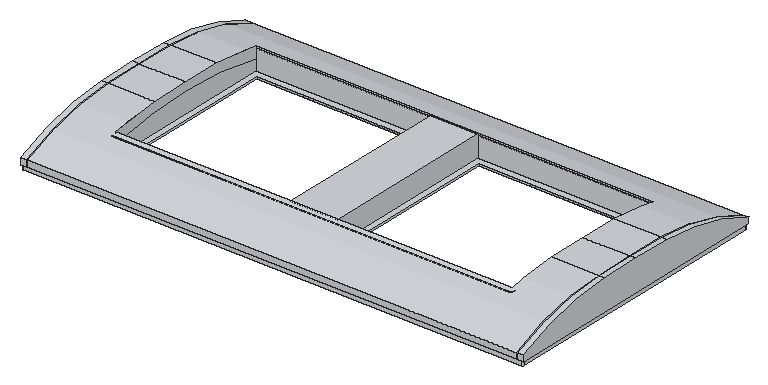
Revit family "Gira_0212395", category Electrical Fixtures, host Face, Revit 2017
Family settings
  Host = Face
  Maintain Annotation Orientation = No
  Round Connector Dimension = Use Diameter
  Part Type = Normal
  Cut with Voids When Loaded = No
  Shared = No
  Room Calculation Point = No
Parameters (values of type "Abdeckrahmen 2f Zwischenr. RW Gira Event Opak Mint")
  Werkstoffgüte = "Thermoplast"
  Werkstoff = "Kunststoff"
  URL = "http://katalog.gira.de/de_DE/datenblatt.html?artikelnr=0212395"
  Transparent = "No"
  Textfeld/Beschriftungsfläche = "No"
  Schutzart (IP) = "IP20"
  Region = "DE"
  Oberfläche = "sonstige"
  Name = "Abdeckrahmen 2f Zwischenr. RW Gira Event Opak Mint"
  Montagerichtung = "horizontal und vertikal"
  Mit Montagerahmen = "No"
  Mit Klappdeckel = "No"
  Manufacturer URL = "https://www.gira.de/"
  Keynote = "Event_Rahmen_2fach"
  HeinzeBIM = "https://bimportal.heinze.de/bim/abdeckrahmen-2f-zwischenr-rw-gira-event-opak-mint/93a7475e3f70a85ca3d326e80641ee336e0a32c2"
  Halogenfrei = "Yes"
  HAN = "0212395"
  Geeignet für Unterputz-Installation = "Yes"
  Geeignet für Unterflurkanaldose = "No"
  Geeignet für Geräteeinbaukanal = "No"
  Geeignet für Einbauinstallation = "No"
  GTIN = "4010337074441"
  Farbe = "sonstige"
  Default Elevation = 1219.2 mm
  Data sheet (1) = "https://katalog.gira.de/de_DE/download.html?artikelnr=0212395"
  Category = "Abdeckrahmen"
  Befestigungsart = "Klemmbefestigung"
  Available = "Yes"
  Ausführung der Oberfläche = "glänzend"
  Anzahl der Einheiten vertikal = "2 "
  Anzahl der Einheiten horizontal = "2 "
  Anzahl der Einheiten = "2 "
Reference planes
  plane 1 "Center (Front/Back)": y = 0
  plane 2: z = 0
  plane 3 "Center (Left/Right)": x = 0
Forms (mm)
  Extrusion 1, solid, detail levels fine
    sketch origin (0, 0, 0.05) x (0, 1, 0) y (0, 0, 1)
      loop
        arc (12.445, 9.683) -> (6.223, 9.833) -> (0, 9.85) r 291.636
        arc (0, 9.85) -> (-6.223, 9.833) -> (-12.445, 9.683) r 291.636
        arc (-12.445, 9.683) -> (-29.14, 7.482) -> (-45, 1.823) r 79.728
        line (-45, 1.823) -> (-45, -0.05) -> (-42.086, -0.05)
        arc (-42.086, -0.05) -> (-21.385, 5.559) -> (0, 7.206) r 114.424
        arc (0, 7.206) -> (21.385, 5.559) -> (42.086, -0.05) r 114.424
        line (42.086, -0.05) -> (45, -0.05) -> (45, 1.823)
        arc (45, 1.823) -> (29.14, 7.482) -> (12.445, 9.683) r 79.728
    from -78.55 to 78.55
  Extrusion 2, void, detail levels fine
    sketch origin (0, 0, 0) x (1, 0, 0) y (0, 1, 0)
      loop
        line (-63.55, -27.937) -> (63.55, -27.937) -> (63.55, 28.063) -> (-63.55, 28.063) -> (-63.55, -27.937)
    from 0.724 to 11
  Extrusion 3, solid, detail levels coarse
    sketch origin (0, 0, 0) x (1, 0, 0) y (0, 1, 0)
      loop
        line (-80.55, 45) -> (-80.55, -45) -> (80.55, -45) -> (80.55, 45) -> (-80.55, 45)
    from -1.5 to 9.9
  Extrusion 4, solid, detail levels medium
    sketch origin (0, 0, 0.05) x (0, 1, 0) y (0, 0, 1)
      loop
        arc (12.445, 9.683) -> (6.223, 9.833) -> (0, 9.85) r 291.636
        arc (0, 9.85) -> (-6.223, 9.833) -> (-12.445, 9.683) r 291.636
        arc (-12.445, 9.683) -> (-29.14, 7.482) -> (-45, 1.823) r 79.728
        line (-45, 1.823) -> (-45, -0.05) -> (45, -0.05) -> (45, 1.823)
        arc (45, 1.823) -> (29.14, 7.482) -> (12.445, 9.683) r 79.728
    from -80.55 to 80.55
  Extrusion 5, solid, detail levels fine
    sketch origin (-35.55, 0, -1.5) x (0, 1, 0) y (0, 0, -1)
      loop
        line (45, -3.373) -> (45, -1.5) -> (-45, -1.5) -> (-45, -3.373)
        arc (-45, -3.373) -> (-29.14, -9.032) -> (-12.445, -11.233) r 79.728
        arc (-12.445, -11.233) -> (-6.223, -11.383) -> (0, -11.4) r 291.636
        arc (0, -11.4) -> (6.223, -11.383) -> (12.445, -11.233) r 291.636
        arc (12.445, -11.233) -> (29.14, -9.032) -> (45, -3.373) r 79.728
    from 43 to 45
  Extrusion 6, solid, detail levels fine
    sketch origin (0, 0, 0) x (1, 0, 0) y (0, 1, 0)
      loop
        line (-61.45, 25.7) -> (-61.45, -25.7) -> (-9.65, -25.7) -> (-9.65, 25.7) -> (-61.45, 25.7)
      loop
        line (61.45, -25.7) -> (61.45, 25.7) -> (9.65, 25.7) -> (9.65, -25.7) -> (61.45, -25.7)
      loop
        line (-64.445, 28.49) -> (-64.445, -28.495)
        spline (-64.445, -28.495) -> (-64.436, -28.625) -> (-64.411, -28.754) -> (-64.369, -28.878) -> (-64.311, -28.995) -> (-64.238, -29.104) -> (-64.152, -29.202) -> (-64.054, -29.288) -> (-63.945, -29.361) -> (-63.828, -29.419) -> (-63.704, -29.461) -> (-63.575, -29.486) -> (-63.445, -29.495)
        line (-63.445, -29.495) -> (63.445, -29.495)
        spline (63.445, -29.495) -> (63.575, -29.486) -> (63.704, -29.461) -> (63.828, -29.419) -> (63.945, -29.361) -> (64.054, -29.288) -> (64.152, -29.202) -> (64.238, -29.104) -> (64.311, -28.995) -> (64.369, -28.878) -> (64.411, -28.754) -> (64.436, -28.625) -> (64.445, -28.495)
        line (64.445, -28.495) -> (64.445, 28.49)
        spline (64.445, 28.49) -> (64.436, 28.62) -> (64.411, 28.748) -> (64.369, 28.872) -> (64.311, 28.99) -> (64.238, 29.098) -> (64.152, 29.197) -> (64.054, 29.283) -> (63.945, 29.356) -> (63.828, 29.413) -> (63.704, 29.456) -> (63.575, 29.481) -> (63.445, 29.49)
        line (63.445, 29.49) -> (-63.445, 29.49)
        spline (-63.445, 29.49) -> (-63.575, 29.481) -> (-63.704, 29.456) -> (-63.828, 29.413) -> (-63.945, 29.356) -> (-64.054, 29.283) -> (-64.152, 29.197) -> (-64.238, 29.098) -> (-64.311, 28.99) -> (-64.369, 28.872) -> (-64.411, 28.748) -> (-64.436, 28.62) -> (-64.445, 28.49)
    from 0.1 to 7.3
  Extrusion 7, solid
    sketch origin (0, 0, 0) x (1, 0, 0) y (0, 1, 0)
      loop
        arc (-80.25, -44.2) -> (-80.104, -44.554) -> (-79.75, -44.7) r 0.5
        line (-79.75, -44.7) -> (79.75, -44.7)
        arc (79.75, -44.7) -> (80.104, -44.554) -> (80.25, -44.2) r 0.5
        line (80.25, -44.2) -> (80.25, 44.2)
        arc (80.25, 44.2) -> (80.104, 44.554) -> (79.75, 44.7) r 0.5
        line (79.75, 44.7) -> (-79.75, 44.7)
        arc (-79.75, 44.7) -> (-80.104, 44.554) -> (-80.25, 44.2) r 0.5
        line (-80.25, 44.2) -> (-80.25, -44.2)
      loop
        line (-78.55, 43) -> (-78.55, -43) -> (78.55, -43) -> (78.55, 43) -> (-78.55, 43)
    from -1.5 to 0.5
  Extrusion 8, solid, detail levels fine
    sketch origin (35.55, 0, -1.5) x (0, 1, 0) y (0, 0, 1)
      loop
        arc (45, 3.373) -> (29.14, 9.032) -> (12.445, 11.233) r 79.728
        arc (12.445, 11.233) -> (6.223, 11.383) -> (0, 11.4) r 291.636
        arc (0, 11.4) -> (-6.223, 11.383) -> (-12.445, 11.233) r 291.636
        arc (-12.445, 11.233) -> (-29.14, 9.032) -> (-45, 3.373) r 79.728
        line (-45, 3.373) -> (-45, 1.5) -> (45, 1.5) -> (45, 3.373)
    from 43 to 45
  Extrusion 9, solid, detail levels medium
    sketch origin (0, 0, 0) x (1, 0, 0) y (0, 1, 0)
      loop
        line (-80.25, -44.7) -> (80.25, -44.7) -> (80.25, 44.7) -> (-80.25, 44.7) -> (-80.25, -44.7)
    from -1.5 to 0.5
  Extrusion 10, solid, detail levels fine
    sketch origin (0, 0, 0) x (1, 0, 0) y (0, 1, 0)
      loop
        line (-7.55, 28.063) -> (-7.55, -27.937) -> (7.55, -27.937) -> (7.55, 28.063) -> (-7.55, 28.063)
    from 0.724 to 7.566
Cuts and joins
  Extrusion 2 cuts Extrusion 1
  Extrusion 2 cuts Extrusion 6
Dimensions and locks
  aligned and locked: plane 2 to host face
  aligned and locked: level to host face
